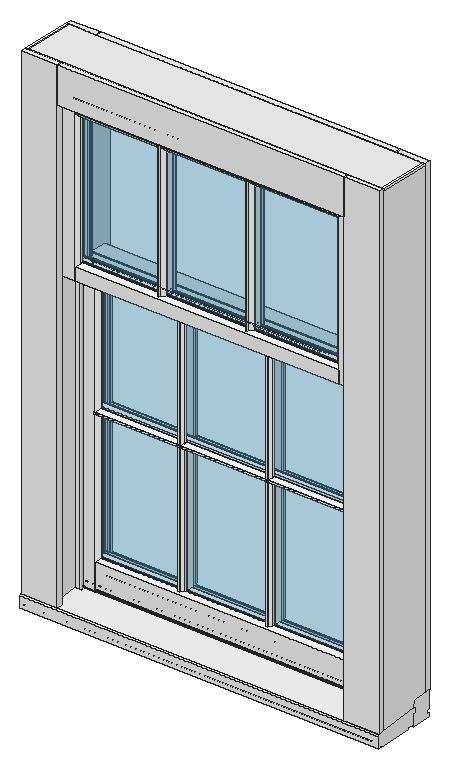
Revit family "B1-36", category Generic Models, Revit 2012 (continued)
Forms (mm)
  Extrusion 84, solid, material "White" <- "Floor Material"
    sketch origin (-86.465, 775.395, 333.96) x (-1, 0, 0) y (0, -1, 0)
      loop
        line (-196.365, 777.429) -> (-196.365, 778.733) -> (-201.693, 778.733) -> (-201.693, 777.429) -> (-200.433, 777.429) -> (-197.323, 777.429) -> (-196.365, 777.429)
    from 618 to 977.04
  Extrusion 85, solid, material "White" <- "Floor Material"
    sketch origin (-86.465, 775.395, 308.96) x (-1, 0, 0) y (0, -1, 0)
      loop
        line (-201.578, 772.766) -> (-195.897, 772.766)
        spline (-195.897, 772.766) -> (-196.288, 773.028) -> (-196.546, 773.345) -> (-196.701, 773.707) -> (-196.782, 774.104) -> (-196.817, 774.528) -> (-196.837, 774.968) -> (-196.871, 775.416) -> (-196.947, 775.861) -> (-197.095, 776.295) -> (-197.343, 776.707) -> (-197.722, 777.088) -> (-198.261, 777.429)
        line (-198.261, 777.429) -> (-199.495, 777.429)
        spline (-199.495, 777.429) -> (-200.004, 777.07) -> (-200.356, 776.68) -> (-200.579, 776.266) -> (-200.702, 775.836) -> (-200.755, 775.398) -> (-200.766, 774.96) -> (-200.765, 774.529) -> (-200.779, 774.114) -> (-200.839, 773.722) -> (-200.973, 773.362) -> (-201.21, 773.041) -> (-201.578, 772.766)
    from 643 to 1002.04
  Extrusion 86, solid, material "White" <- "Floor Material"
    sketch origin (-85.541, 770.224, 333.96) x (-1, 0, 0) y (0, -1, 0)
      loop
        line (-201.463, 771.474) -> (-199.969, 771.474) -> (-199.969, 772.26) -> (-200.769, 772.26) -> (-200.769, 773.563) -> (-195.441, 773.563) -> (-195.441, 772.26) -> (-196.241, 772.26) -> (-196.241, 771.474) -> (-194.463, 771.474) -> (-194.463, 774.474) -> (-196.777, 774.474) -> (-196.777, 778.474) -> (-199.213, 778.474) -> (-199.213, 774.474) -> (-201.463, 774.474) -> (-201.463, 771.474)
    from 618 to 977.04
  Extrusion 87, solid, material "White" <- "Floor Material"
    sketch origin (-84.582, -643.152, 0) x (-1, 0, 0) y (0, -1, 0)
      loop
        line (-288.504, -795.902) -> (-206.504, -795.902) -> (-206.504, -780.902) -> (-288.504, -780.902) -> (-288.504, -795.902)
    from 68 to 1397
  Extrusion 88, solid, material "White" <- "Floor Material"
    sketch origin (-84.582, -643.152, 0) x (-1, 0, 0) y (0, -1, 0)
      loop
        line (-288.504, -621.902) -> (-288.504, -636.902) -> (-188.504, -636.902) -> (-188.504, -621.902) -> (-288.504, -621.902)
    from 33 to 1397
  Extrusion 89, solid, material "White" <- "Floor Material"
    sketch origin (-174.603, 18.977, 0) x (0, 1, 0) y (0, 0, 1)
      loop
        line (118.773, 68) -> (118.773, 1397) -> (-25.227, 1397) -> (-25.227, 35.138) -> (79.523, 48) -> (79.523, 52.913)
        arc (79.523, 52.913) -> (82.523, 55.913) -> (79.523, 58.913) r 3
        line (79.523, 58.913) -> (79.523, 63.825) -> (113.523, 68) -> (118.773, 68)
    from 372.603 to 378.603
  Extrusion 90, solid, material "White" <- "Floor Material"
    sketch origin (-84.583, -643.152, 0) x (-1, 0, 0) y (0, -1, 0)
      loop
        line (-232.504, -775.902) -> (-223.504, -775.902) -> (-223.504, -780.902) -> (-215.504, -780.902) -> (-215.504, -775.902) -> (-206.504, -775.902) -> (-206.504, -641.902) -> (-215.504, -641.902) -> (-215.504, -636.902) -> (-223.504, -636.902) -> (-223.504, -641.902) -> (-232.504, -641.902) -> (-232.504, -775.902)
    from 0 to 1318.455
  Extrusion 91, solid, material "White" <- "Floor Material"
    sketch origin (-84.582, -571.902, -672) x (-1, 0, 0) y (0, -1, 0)
      loop
        line (-162.504, -700.402) -> (-157.504, -700.402) -> (-157.504, -697.402)
        arc (-157.504, -697.402) -> (-151.847, -695.059) -> (-149.504, -689.402) r 8
        line (-149.504, -689.402) -> (-146.504, -689.402) -> (-146.504, -685.402) -> (-150.504, -684.402) -> (-150.504, -681.402) -> (-162.504, -681.402) -> (-162.504, -700.402)
    from 705 to 1545.52
  Extrusion 92, solid, material "White" <- "Floor Material"
    sketch origin (-84.582, -571.902, 81.96) x (-1, 0, 0) y (0, -1, 0)
      loop
        line (-162.504, -643.402) -> (-199.504, -643.402)
        arc (-199.504, -643.402) -> (-201.625, -644.281) -> (-202.504, -646.402) r 3
        line (-202.504, -646.402) -> (-202.504, -651.402) -> (-196.504, -651.402) -> (-196.504, -654.402) -> (-202.504, -654.402) -> (-202.504, -667.402) -> (-196.504, -667.402) -> (-196.504, -679.402) -> (-202.504, -679.402) -> (-202.504, -700.402)
        arc (-202.504, -700.402) -> (-201.625, -702.524) -> (-199.504, -703.402) r 3
        line (-199.504, -703.402) -> (-162.504, -703.402) -> (-162.504, -643.402)
    from 791.56 to 1199.977
  Extrusion 93, solid, material "White" <- "Floor Material"
    sketch origin (-1191.481, -714.403, 1120.434) x (0, 0, -1) y (0, 1, 0)
      loop
        arc (-199.504, 774.402) -> (-201.625, 773.524) -> (-202.504, 771.402) r 3
        line (-202.504, 771.402) -> (-202.504, 766.402) -> (-196.504, 766.402) -> (-196.504, 763.402) -> (-202.504, 763.402) -> (-202.504, 750.402) -> (-196.504, 750.402) -> (-196.504, 738.402) -> (-202.504, 738.402) -> (-202.504, 717.402)
        arc (-202.504, 717.402) -> (-201.625, 715.281) -> (-199.504, 714.402) r 3
        line (-199.504, 714.402) -> (-156.504, 714.402) -> (-146.504, 724.402) -> (-146.504, 726.402) -> (-162.504, 726.402) -> (-162.504, 774.402) -> (-199.504, 774.402)
    from 523.56 to 1263.403
Dimensions and locks
  plane 4 to level = 1397 mm
  plane 8 to plane 5 = 131 mm  (x3)
  plane 9 to plane 7 = 174 mm
  locked: plane 10 to plane 11 at 44
  locked: plane 4 to plane 12 at 100
  locked: plane 13 to plane 12 at 14
  plane 14 to level = 33 mm
  locked: Extrusion 57 to Extrusion 57 at 6
  Extrusion 4 to Extrusion 4 = 4 mm
  locked: plane 4 to plane 15 at 82
  plane 16 to level = 68 mm
  Extrusion 56 to Extrusion 23 = 1397 mm
  plane 5 to plane 27 = 100.079 mm
  plane 30 to level = 1397 mm
  plane 34 to level = 484 mm
  plane 17 to plane 5 = 1004 mm
  plane 18 to plane 5 = 368.5 mm
  Extrusion 56 to plane 19 = 615 mm
  plane 17 to plane 3 "Center (Left/Right)" = 100 mm
  locked: Extrusion 89 to Extrusion 89 at 6
  aligned and locked: level to plane 2
  aligned and locked: Extrusion 5 to Extrusion 6
  aligned and locked: Extrusion 33 to Extrusion 32
  aligned and locked: plane 7 to Extrusion 22
  aligned and locked: Extrusion 15 to plane 8
  aligned and locked: Extrusion 13 to plane 8
  aligned and locked: Extrusion 20 to plane 8
  aligned and locked: Extrusion 17 to plane 8
  aligned and locked: Extrusion 16 to plane 8
  aligned and locked: Extrusion 18 to plane 8
  aligned and locked: Extrusion 21 to plane 8
  aligned and locked: Extrusion 8 to plane 8
  aligned and locked: Extrusion 10 to plane 8
  aligned and locked: Extrusion 3 to plane 8
  aligned and locked: Extrusion 9 to plane 8
  aligned and locked: Extrusion 5 to plane 8
  aligned and locked: Extrusion 7 to plane 8
  aligned and locked: Extrusion 6 to plane 8
  aligned and locked: Extrusion 9 to Extrusion 15
  aligned and locked: Extrusion 8 to Extrusion 15
  aligned and locked: Extrusion 28 to plane 8
  aligned and locked: Extrusion 26 to plane 8
  aligned and locked: Extrusion 30 to plane 8
  aligned and locked: Extrusion 33 to plane 8
  aligned and locked: Extrusion 32 to plane 8
  aligned and locked: Extrusion 34 to plane 8
  aligned and locked: Extrusion 35 to plane 8
  aligned and locked: Extrusion 31 to plane 8
  aligned and locked: Extrusion 27 to plane 8
  aligned and locked: Extrusion 4 to plane 8
  aligned and locked: plane 10 to Extrusion 2
  aligned and locked: plane 11 to Extrusion 1
  aligned and locked: Extrusion 42 to plane 11
  aligned and locked: plane 13 to Extrusion 42
  aligned and locked: plane 13 to Extrusion 43
  aligned and locked: plane 13 to Extrusion 53
  aligned and locked: plane 13 to Extrusion 52
  aligned and locked: plane 13 to Extrusion 51
  aligned and locked: plane 13 to Extrusion 45
  aligned and locked: Extrusion 14 to Extrusion 54
  aligned and locked: Extrusion 24 to plane 17
Types (3, lengths in mm): name | Width | Height | GlazingPanelMaterial | Floor Material
  Window Sill drawing | 1600 | 1250 | Glass | White
  Access Manager | 1250 | 1250 | none | none
  window family | 1004 | 1397 | Glass | 1.12A ANCHOR FIXING
